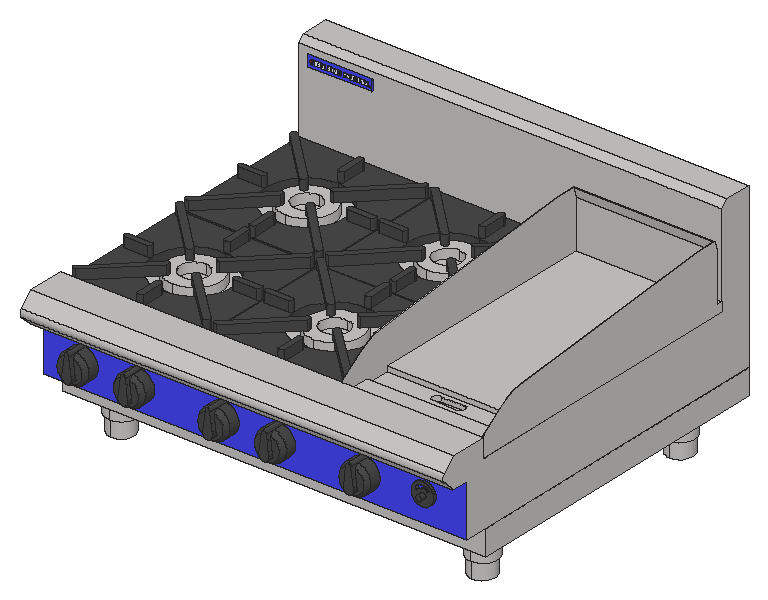
Revit family "QF_MOFFAT_BLUESEAL_CE_G516C-B", category Specialty Equipment, Revit 2012 (continued)
Definition of nested family "GAS BURNER 600 & GRIDDLE 300"
  Definition of nested family "GAS BURNER 600"
    Forms (mm)
      Extrusion 5, solid, material "QF_Finishes_Black"
        sketch origin (600, 0, 19.5) x (0, -1, 0) y (1, 0, 0)
          loop
            spline (139.576, -185.975) -> (140.337, -184.905) -> (140.738, -183.601) -> (140.751, -182.149) -> (140.375, -180.65) -> (139.637, -179.205) -> (138.586, -177.914) -> (137.295, -176.863) -> (135.85, -176.125) -> (134.351, -175.749) -> (132.899, -175.762) -> (131.595, -176.163) -> (130.525, -176.924)
            line (130.525, -176.924) -> (22.602, -284.847)
            spline (22.602, -284.847) -> (21.841, -285.916) -> (21.441, -287.221) -> (21.428, -288.672) -> (21.803, -290.171) -> (22.541, -291.616) -> (23.592, -292.908) -> (24.884, -293.959) -> (26.329, -294.697) -> (27.828, -295.072) -> (29.279, -295.059) -> (30.584, -294.659) -> (31.653, -293.898)
          loop
            spline (160.1, -291.102) -> (160.318, -292.396) -> (160.957, -293.602) -> (161.975, -294.638) -> (163.3, -295.432) -> (164.844, -295.932) -> (166.5, -296.102) -> (168.156, -295.932) -> (169.7, -295.432) -> (171.025, -294.638) -> (172.043, -293.602) -> (172.682, -292.396) -> (172.9, -291.102)
            line (172.9, -291.102) -> (172.9, -241.898)
            spline (172.9, -241.898) -> (172.682, -240.604) -> (172.043, -239.398) -> (171.025, -238.362) -> (169.7, -237.568) -> (168.156, -237.068) -> (166.5, -236.898) -> (164.844, -237.068) -> (163.3, -237.568) -> (161.975, -238.362) -> (160.957, -239.398) -> (160.318, -240.604) -> (160.1, -241.898)
            line (160.1, -241.898) -> (160.1, -291.102)
          loop
            line (313.898, -284.847) -> (202.475, -176.924)
            spline (202.475, -176.924) -> (201.405, -176.163) -> (200.101, -175.762) -> (198.649, -175.749) -> (197.15, -176.125) -> (195.705, -176.863) -> (194.414, -177.914) -> (193.363, -179.205) -> (192.625, -180.65) -> (192.249, -182.149) -> (192.262, -183.601) -> (192.663, -184.905) -> (193.424, -185.975)
            line (193.424, -185.975) -> (304.847, -293.898)
            spline (304.847, -293.898) -> (305.916, -294.659) -> (307.221, -295.059) -> (308.672, -295.072) -> (310.171, -294.697) -> (311.616, -293.959) -> (312.908, -292.908) -> (313.959, -291.616) -> (314.697, -290.171) -> (315.072, -288.672) -> (315.059, -287.221) -> (314.659, -285.916) -> (313.898, -284.847)
          loop
            line (311.102, -143.6) -> (261.898, -143.6)
            spline (261.898, -143.6) -> (260.604, -143.818) -> (259.398, -144.457) -> (258.362, -145.475) -> (257.568, -146.8) -> (257.068, -148.344) -> (256.898, -150) -> (257.068, -151.656) -> (257.568, -153.2) -> (258.362, -154.525) -> (259.398, -155.543) -> (260.604, -156.182) -> (261.898, -156.4)
            line (261.898, -156.4) -> (311.102, -156.4)
            spline (311.102, -156.4) -> (312.396, -156.182) -> (313.602, -155.543) -> (314.638, -154.525) -> (315.432, -153.2) -> (315.932, -151.656) -> (316.102, -150) -> (315.932, -148.344) -> (315.432, -146.8) -> (314.638, -145.475) -> (313.602, -144.457) -> (312.396, -143.818) -> (311.102, -143.6)
          loop
            spline (313.898, -15.153) -> (314.659, -14.084) -> (315.059, -12.779) -> (315.072, -11.328) -> (314.697, -9.829) -> (313.959, -8.384) -> (312.908, -7.092) -> (311.616, -6.041) -> (310.171, -5.303) -> (308.672, -4.928) -> (307.221, -4.941) -> (305.916, -5.341) -> (304.847, -6.102)
            line (304.847, -6.102) -> (193.424, -114.025)
            spline (193.424, -114.025) -> (192.663, -115.095) -> (192.262, -116.399) -> (192.249, -117.851) -> (192.625, -119.35) -> (193.363, -120.795) -> (194.414, -122.086) -> (195.705, -123.137) -> (197.15, -123.875) -> (198.649, -124.251) -> (200.101, -124.238) -> (201.405, -123.837) -> (202.475, -123.076)
            line (202.475, -123.076) -> (313.898, -15.153)
          loop
            spline (172.9, -8.898) -> (172.682, -7.604) -> (172.043, -6.398) -> (171.025, -5.362) -> (169.7, -4.568) -> (168.156, -4.068) -> (166.5, -3.898) -> (164.844, -4.068) -> (163.3, -4.568) -> (161.975, -5.362) -> (160.957, -6.398) -> (160.318, -7.604) -> (160.1, -8.898)
            line (160.1, -8.898) -> (160.1, -58.102)
            spline (160.1, -58.102) -> (160.318, -59.396) -> (160.957, -60.602) -> (161.975, -61.638) -> (163.3, -62.432) -> (164.844, -62.932) -> (166.5, -63.102) -> (168.156, -62.932) -> (169.7, -62.432) -> (171.025, -61.638) -> (172.043, -60.602) -> (172.682, -59.396) -> (172.9, -58.102)
            line (172.9, -58.102) -> (172.9, -8.898)
        from 0 to 20.5
      Extrusion 6, solid, material "QF_Finishes_Stainless Steel"
        sketch origin (600, -15.098, 0) x (0, -1, 0) y (1, 0, 0)
          loop
            circle (151.402, -150) r 57
          loop
            circle (451.402, -150) r 57
          loop
            circle (151.402, -150) r 30
          loop
            circle (451.402, -150) r 30
        from 0 to 20
    Lines and regions (mm)
      symbolic lines
        curve 1: line (284.847, -22.602, 0) -> (176.924, -130.525, 0)
        curve 2: spline (176.924, -130.525, 0) -> (176.163, -131.595, 0) -> (175.762, -132.899, 0) -> (175.749, -134.351, 0) -> (176.125, -135.85, 0) -> (176.863, -137.295, 0) -> (177.914, -138.586, 0) -> (179.205, -139.637, 0) -> (180.65, -140.375, 0) -> (182.149, -140.751, 0) -> (183.601, -140.738, 0) -> (184.905, -140.337, 0) -> (185.975, -139.576, 0)
        curve 3: line (185.975, -139.576, 0) -> (293.898, -31.653, 0)
        curve 4: spline (293.898, -31.653, 0) -> (294.659, -30.584, 0) -> (295.059, -29.279, 0) -> (295.072, -27.828, 0) -> (294.697, -26.329, 0) -> (293.959, -24.884, 0) -> (292.908, -23.592, 0) -> (291.616, -22.541, 0) -> (290.171, -21.803, 0) -> (288.672, -21.428, 0) -> (287.221, -21.441, 0) -> (285.916, -21.841, 0) -> (284.847, -22.602, 0)
        curve 5: line (291.102, -160.1, 0) -> (241.898, -160.1, 0)
        curve 6: spline (241.898, -160.1, 0) -> (240.604, -160.318, 0) -> (239.398, -160.957, 0) -> (238.362, -161.975, 0) -> (237.568, -163.3, 0) -> (237.068, -164.844, 0) -> (236.898, -166.5, 0) -> (237.068, -168.156, 0) -> (237.568, -169.7, 0) -> (238.362, -171.025, 0) -> (239.398, -172.043, 0) -> (240.604, -172.682, 0) -> (241.898, -172.9, 0)
        curve 7: line (241.898, -172.9, 0) -> (291.102, -172.9, 0)
        curve 8: spline (291.102, -172.9, 0) -> (292.396, -172.682, 0) -> (293.602, -172.043, 0) -> (294.638, -171.025, 0) -> (295.432, -169.7, 0) -> (295.932, -168.156, 0) -> (296.102, -166.5, 0) -> (295.932, -164.844, 0) -> (295.432, -163.3, 0) -> (294.638, -161.975, 0) -> (293.602, -160.957, 0) -> (292.396, -160.318, 0) -> (291.102, -160.1, 0)
        curve 9: line (306.102, -31.653, 0) -> (414.025, -139.576, 0)
        curve 10: spline (414.025, -139.576, 0) -> (415.095, -140.337, 0) -> (416.399, -140.738, 0) -> (417.851, -140.751, 0) -> (419.35, -140.375, 0) -> (420.795, -139.637, 0) -> (422.086, -138.586, 0) -> (423.137, -137.295, 0) -> (423.875, -135.85, 0) -> (424.251, -134.351, 0) -> (424.238, -132.899, 0) -> (423.837, -131.595, 0) -> (423.076, -130.525, 0)
        curve 11: line (423.076, -130.525, 0) -> (315.153, -22.602, 0)
        curve 12: spline (315.153, -22.602, 0) -> (314.084, -21.841, 0) -> (312.779, -21.441, 0) -> (311.328, -21.428, 0) -> (309.829, -21.803, 0) -> (308.384, -22.541, 0) -> (307.092, -23.592, 0) -> (306.041, -24.884, 0) -> (305.303, -26.329, 0) -> (304.928, -27.828, 0) -> (304.941, -29.279, 0) -> (305.341, -30.584, 0) -> (306.102, -31.653, 0)
        curve 13: line (443.6, -25.398, 0) -> (443.6, -74.602, 0)
        curve 14: spline (443.6, -74.602, 0) -> (443.818, -75.896, 0) -> (444.457, -77.102, 0) -> (445.475, -78.138, 0) -> (446.8, -78.932, 0) -> (448.344, -79.432, 0) -> (450, -79.602, 0) -> (451.656, -79.432, 0) -> (453.2, -78.932, 0) -> (454.525, -78.138, 0) -> (455.543, -77.102, 0) -> (456.182, -75.896, 0) -> (456.4, -74.602, 0)
        curve 15: line (456.4, -74.602, 0) -> (456.4, -25.398, 0)
        curve 16: spline (456.4, -25.398, 0) -> (456.182, -24.104, 0) -> (455.543, -22.898, 0) -> (454.525, -21.862, 0) -> (453.2, -21.068, 0) -> (451.656, -20.568, 0) -> (450, -20.398, 0) -> (448.344, -20.568, 0) -> (446.8, -21.068, 0) -> (445.475, -21.862, 0) -> (444.457, -22.898, 0) -> (443.818, -24.104, 0) -> (443.6, -25.398, 0)
        curve 17: line (584.847, -22.602, 0) -> (476.924, -130.525, 0)
        curve 18: spline (476.924, -130.525, 0) -> (476.163, -131.595, 0) -> (475.762, -132.899, 0) -> (475.749, -134.351, 0) -> (476.125, -135.85, 0) -> (476.863, -137.295, 0) -> (477.914, -138.586, 0) -> (479.205, -139.637, 0) -> (480.65, -140.375, 0) -> (482.149, -140.751, 0) -> (483.601, -140.738, 0) -> (484.905, -140.337, 0) -> (485.975, -139.576, 0)
        curve 19: line (485.975, -139.576, 0) -> (593.898, -31.653, 0)
        curve 20: spline (593.898, -31.653, 0) -> (594.819, -30.424, 0) -> (595.369, -28.97, 0) -> (595.51, -27.39, 0) -> (595.233, -25.792, 0) -> (594.557, -24.286, 0) -> (593.527, -22.973, 0) -> (592.214, -21.943, 0) -> (590.708, -21.267, 0) -> (589.11, -20.99, 0) -> (587.53, -21.131, 0) -> (586.076, -21.681, 0) -> (584.847, -22.602, 0)
        curve 21: line (591.102, -160.1, 0) -> (541.898, -160.1, 0)
        curve 22: spline (541.898, -160.1, 0) -> (540.604, -160.318, 0) -> (539.398, -160.957, 0) -> (538.362, -161.975, 0) -> (537.568, -163.3, 0) -> (537.068, -164.844, 0) -> (536.898, -166.5, 0) -> (537.068, -168.156, 0) -> (537.568, -169.7, 0) -> (538.362, -171.025, 0) -> (539.398, -172.043, 0) -> (540.604, -172.682, 0) -> (541.898, -172.9, 0)
        curve 23: line (541.898, -172.9, 0) -> (591.102, -172.9, 0)
        curve 24: spline (591.102, -172.9, 0) -> (592.396, -172.682, 0) -> (593.602, -172.043, 0) -> (594.638, -171.025, 0) -> (595.432, -169.7, 0) -> (595.932, -168.156, 0) -> (596.102, -166.5, 0) -> (595.932, -164.844, 0) -> (595.432, -163.3, 0) -> (594.638, -161.975, 0) -> (593.602, -160.957, 0) -> (592.396, -160.318, 0) -> (591.102, -160.1, 0)
        curve 25: line (593.898, -304.847, 0) -> (485.975, -193.424, 0)
        curve 26: spline (485.975, -193.424, 0) -> (484.905, -192.663, 0) -> (483.601, -192.262, 0) -> (482.149, -192.249, 0) -> (480.65, -192.625, 0) -> (479.205, -193.363, 0) -> (477.914, -194.414, 0) -> (476.863, -195.705, 0) -> (476.125, -197.15, 0) -> (475.749, -198.649, 0) -> (475.762, -200.101, 0) -> (476.163, -201.405, 0) -> (476.924, -202.475, 0)
        curve 27: line (476.924, -202.475, 0) -> (584.847, -313.898, 0)
        curve 28: spline (584.847, -313.898, 0) -> (585.916, -314.659, 0) -> (587.221, -315.059, 0) -> (588.672, -315.072, 0) -> (590.171, -314.697, 0) -> (591.616, -313.959, 0) -> (592.908, -312.908, 0) -> (593.959, -311.616, 0) -> (594.697, -310.171, 0) -> (595.072, -308.672, 0) -> (595.059, -307.221, 0) -> (594.659, -305.916, 0) -> (593.898, -304.847, 0)
        curve 29: arc (450, -223.5, 0) -> (468.725, -220.336, 0) -> (485.372, -211.197, 0) r 57
        curve 30: arc (450, -109.5, 0) -> (431.183, -112.696, 0) -> (414.475, -121.924, 0) r 57
        curve 31: arc (450.009, -84.418, 0) -> (478.534, -89.404, 0) -> (503.676, -103.773, 0) r 84.082
        curve 32: arc (450.009, -252.582, 0) -> (420.453, -247.216, 0) -> (394.669, -231.803, 0) r 84.082
        curve 33: arc (450, -136.5, 0) -> (480, -166.5, 0) -> (450, -196.5, 0) r 30
        curve 34: arc (450, -196.5, 0) -> (420, -166.5, 0) -> (450, -136.5, 0) r 30
        curve 35: arc (150, -223.5, 0) -> (168.725, -220.336, 0) -> (185.372, -211.197, 0) r 57
        curve 36: arc (150, -109.5, 0) -> (131.183, -112.696, 0) -> (114.475, -121.924, 0) r 57
        curve 37: arc (149.991, -84.418, 0) -> (178.523, -89.406, 0) -> (203.668, -103.781, 0) r 84.082
        curve 38: arc (149.991, -252.582, 0) -> (120.441, -247.219, 0) -> (94.661, -231.812, 0) r 84.082
        curve 39: line (156.4, -74.602, 0) -> (156.4, -25.398, 0)
        curve 40: spline (156.4, -25.398, 0) -> (156.182, -24.104, 0) -> (155.543, -22.898, 0) -> (154.525, -21.862, 0) -> (153.2, -21.068, 0) -> (151.656, -20.568, 0) -> (150, -20.398, 0) -> (148.344, -20.568, 0) -> (146.8, -21.068, 0) -> (145.475, -21.862, 0) -> (144.457, -22.898, 0) -> (143.818, -24.104, 0) -> (143.6, -25.398, 0)
        curve 41: line (143.6, -25.398, 0) -> (143.6, -74.602, 0)
        curve 42: spline (143.6, -74.602, 0) -> (143.818, -75.896, 0) -> (144.457, -77.102, 0) -> (145.475, -78.138, 0) -> (146.8, -78.932, 0) -> (148.344, -79.432, 0) -> (150, -79.602, 0) -> (151.656, -79.432, 0) -> (153.2, -78.932, 0) -> (154.525, -78.138, 0) -> (155.543, -77.102, 0) -> (156.182, -75.896, 0) -> (156.4, -74.602, 0)
        curve 43: line (358.102, -160.1, 0) -> (308.898, -160.1, 0)
        curve 44: spline (308.898, -160.1, 0) -> (307.604, -160.318, 0) -> (306.398, -160.957, 0) -> (305.362, -161.975, 0) -> (304.568, -163.3, 0) -> (304.068, -164.844, 0) -> (303.898, -166.5, 0) -> (304.068, -168.156, 0) -> (304.568, -169.7, 0) -> (305.362, -171.025, 0) -> (306.398, -172.043, 0) -> (307.604, -172.682, 0) -> (308.898, -172.9, 0)
        curve 45: line (308.898, -172.9, 0) -> (358.102, -172.9, 0)
        curve 46: spline (358.102, -172.9, 0) -> (359.396, -172.682, 0) -> (360.602, -172.043, 0) -> (361.638, -171.025, 0) -> (362.432, -169.7, 0) -> (362.932, -168.156, 0) -> (363.102, -166.5, 0) -> (362.932, -164.844, 0) -> (362.432, -163.3, 0) -> (361.638, -161.975, 0) -> (360.602, -160.957, 0) -> (359.396, -160.318, 0) -> (358.102, -160.1, 0)
        curve 47: line (414.025, -193.424, 0) -> (306.102, -304.847, 0)
        curve 48: spline (306.102, -304.847, 0) -> (305.341, -305.916, 0) -> (304.941, -307.221, 0) -> (304.928, -308.672, 0) -> (305.303, -310.171, 0) -> (306.041, -311.616, 0) -> (307.092, -312.908, 0) -> (308.384, -313.959, 0) -> (309.829, -314.697, 0) -> (311.328, -315.072, 0) -> (312.779, -315.059, 0) -> (314.084, -314.659, 0) -> (315.153, -313.898, 0)
        curve 49: line (315.153, -313.898, 0) -> (423.076, -202.475, 0)
        curve 50: spline (423.076, -202.475, 0) -> (423.837, -201.405, 0) -> (424.238, -200.101, 0) -> (424.251, -198.649, 0) -> (423.875, -197.15, 0) -> (423.137, -195.705, 0) -> (422.086, -194.414, 0) -> (420.795, -193.363, 0) -> (419.35, -192.625, 0) -> (417.851, -192.249, 0) -> (416.399, -192.262, 0) -> (415.095, -192.663, 0) -> (414.025, -193.424, 0)
        curve 51: line (456.4, -311.102, 0) -> (456.4, -261.898, 0)
        curve 52: spline (456.4, -261.898, 0) -> (456.182, -260.604, 0) -> (455.543, -259.398, 0) -> (454.525, -258.362, 0) -> (453.2, -257.568, 0) -> (451.656, -257.068, 0) -> (450, -256.898, 0) -> (448.344, -257.068, 0) -> (446.8, -257.568, 0) -> (445.475, -258.362, 0) -> (444.457, -259.398, 0) -> (443.818, -260.604, 0) -> (443.6, -261.898, 0)
        curve 53: line (443.6, -261.898, 0) -> (443.6, -311.102, 0)
        curve 54: spline (443.6, -311.102, 0) -> (443.818, -312.396, 0) -> (444.457, -313.602, 0) -> (445.475, -314.638, 0) -> (446.8, -315.432, 0) -> (448.344, -315.932, 0) -> (450, -316.102, 0) -> (451.656, -315.932, 0) -> (453.2, -315.432, 0) -> (454.525, -314.638, 0) -> (455.543, -313.602, 0) -> (456.182, -312.396, 0) -> (456.4, -311.102, 0)
        curve 55: line (596, 0, 0) -> (304, 0, 0)
        curve 56: arc (304, 0, 0) -> (301.879, -0.879, 0) -> (301, -3, 0) r 3
        curve 57: line (301, -3, 0) -> (301, -315.5, 0)
        curve 58: arc (301, -315.5, 0) -> (301.879, -317.621, 0) -> (304, -318.5, 0) r 3
        curve 59: line (304, -318.5, 0) -> (596, -318.5, 0)
        curve 60: arc (596, -318.5, 0) -> (598.121, -317.621, 0) -> (599, -315.5, 0) r 3
        curve 61: line (599, -315.5, 0) -> (599, -3, 0)
        curve 62: arc (599, -3, 0) -> (598.121, -0.879, 0) -> (596, 0, 0) r 3
        curve 63: line (296, 0, 0) -> (4, 0, 0)
        curve 64: arc (4, 0, 0) -> (1.879, -0.879, 0) -> (1, -3, 0) r 3
        curve 65: line (1, -3, 0) -> (1, -315.5, 0)
        curve 66: arc (1, -315.5, 0) -> (1.879, -317.621, 0) -> (4, -318.5, 0) r 3
        curve 67: line (4, -318.5, 0) -> (296, -318.5, 0)
        curve 68: arc (296, -318.5, 0) -> (298.121, -317.621, 0) -> (299, -315.5, 0) r 3
        curve 69: line (299, -315.5, 0) -> (299, -3, 0)
        curve 70: arc (299, -3, 0) -> (298.121, -0.879, 0) -> (296, 0, 0) r 3
        curve 71: line (296, -321.5, 0) -> (4, -321.5, 0)
        curve 72: arc (4, -321.5, 0) -> (1.879, -322.379, 0) -> (1, -324.5, 0) r 3
        curve 73: line (1, -324.5, 0) -> (1, -632, 0)
        curve 74: arc (1, -632, 0) -> (1.879, -634.121, 0) -> (4, -635, 0) r 3
        curve 75: line (4, -635, 0) -> (296, -635, 0)
        curve 76: arc (296, -635, 0) -> (298.121, -634.121, 0) -> (299, -632, 0) r 3
        curve 77: line (299, -632, 0) -> (299, -324.5, 0)
        curve 78: arc (299, -324.5, 0) -> (298.121, -322.379, 0) -> (296, -321.5, 0) r 3
        curve 79: line (596, -321.5, 0) -> (304, -321.5, 0)
        curve 80: arc (304, -321.5, 0) -> (301.879, -322.379, 0) -> (301, -324.5, 0) r 3
        curve 81: line (301, -324.5, 0) -> (301, -632, 0)
        curve 82: arc (301, -632, 0) -> (301.879, -634.121, 0) -> (304, -635, 0) r 3
        curve 83: line (304, -635, 0) -> (596, -635, 0)
        curve 84: arc (596, -635, 0) -> (598.121, -634.121, 0) -> (599, -632, 0) r 3
        curve 85: line (599, -632, 0) -> (599, -324.5, 0)
        curve 86: arc (599, -324.5, 0) -> (598.121, -322.379, 0) -> (596, -321.5, 0) r 3
        curve 87: line (293.898, -304.847, 0) -> (185.975, -193.424, 0)
        curve 88: spline (185.975, -193.424, 0) -> (184.905, -192.663, 0) -> (183.601, -192.262, 0) -> (182.149, -192.249, 0) -> (180.65, -192.625, 0) -> (179.205, -193.363, 0) -> (177.914, -194.414, 0) -> (176.863, -195.705, 0) -> (176.125, -197.15, 0) -> (175.749, -198.649, 0) -> (175.762, -200.101, 0) -> (176.163, -201.405, 0) -> (176.924, -202.475, 0)
        curve 89: line (176.924, -202.475, 0) -> (284.847, -313.898, 0)
        curve 90: spline (284.847, -313.898, 0) -> (285.916, -314.659, 0) -> (287.221, -315.059, 0) -> (288.672, -315.072, 0) -> (290.171, -314.697, 0) -> (291.616, -313.959, 0) -> (292.908, -312.908, 0) -> (293.959, -311.616, 0) -> (294.697, -310.171, 0) -> (295.072, -308.672, 0) -> (295.059, -307.221, 0) -> (294.659, -305.916, 0) -> (293.898, -304.847, 0)
        curve 91: line (15.153, -313.898, 0) -> (123.076, -202.475, 0)
        curve 92: spline (123.076, -202.475, 0) -> (123.837, -201.405, 0) -> (124.238, -200.101, 0) -> (124.251, -198.649, 0) -> (123.875, -197.15, 0) -> (123.137, -195.705, 0) -> (122.086, -194.414, 0) -> (120.795, -193.363, 0) -> (119.35, -192.625, 0) -> (117.851, -192.249, 0) -> (116.399, -192.262, 0) -> (115.095, -192.663, 0) -> (114.025, -193.424, 0)
        curve 93: line (114.025, -193.424, 0) -> (6.102, -304.847, 0)
        curve 94: spline (6.102, -304.847, 0) -> (5.341, -305.916, 0) -> (4.941, -307.221, 0) -> (4.928, -308.672, 0) -> (5.303, -310.171, 0) -> (6.041, -311.616, 0) -> (7.092, -312.908, 0) -> (8.384, -313.959, 0) -> (9.829, -314.697, 0) -> (11.328, -315.072, 0) -> (12.779, -315.059, 0) -> (14.084, -314.659, 0) -> (15.153, -313.898, 0)
        curve 95: line (8.898, -172.9, 0) -> (58.102, -172.9, 0)
        curve 96: spline (58.102, -172.9, 0) -> (59.396, -172.682, 0) -> (60.602, -172.043, 0) -> (61.638, -171.025, 0) -> (62.432, -169.7, 0) -> (62.932, -168.156, 0) -> (63.102, -166.5, 0) -> (62.932, -164.844, 0) -> (62.432, -163.3, 0) -> (61.638, -161.975, 0) -> (60.602, -160.957, 0) -> (59.396, -160.318, 0) -> (58.102, -160.1, 0)
        curve 97: line (58.102, -160.1, 0) -> (8.898, -160.1, 0)
        curve 98: spline (8.898, -160.1, 0) -> (7.604, -160.318, 0) -> (6.398, -160.957, 0) -> (5.362, -161.975, 0) -> (4.568, -163.3, 0) -> (4.068, -164.844, 0) -> (3.898, -166.5, 0) -> (4.068, -168.156, 0) -> (4.568, -169.7, 0) -> (5.362, -171.025, 0) -> (6.398, -172.043, 0) -> (7.604, -172.682, 0) -> (8.898, -172.9, 0)
        curve 99: line (6.102, -31.653, 0) -> (114.025, -139.576, 0)
        curve 100: spline (114.025, -139.576, 0) -> (115.095, -140.337, 0) -> (116.399, -140.738, 0) -> (117.851, -140.751, 0) -> (119.35, -140.375, 0) -> (120.795, -139.637, 0) -> (122.086, -138.586, 0) -> (123.137, -137.295, 0) -> (123.875, -135.85, 0) -> (124.251, -134.351, 0) -> (124.238, -132.899, 0) -> (123.837, -131.595, 0) -> (123.076, -130.525, 0)
        curve 101: line (123.076, -130.525, 0) -> (15.153, -22.602, 0)
        curve 102: spline (15.153, -22.602, 0) -> (13.924, -21.681, 0) -> (12.47, -21.131, 0) -> (10.89, -20.99, 0) -> (9.292, -21.267, 0) -> (7.786, -21.943, 0) -> (6.473, -22.973, 0) -> (5.443, -24.286, 0) -> (4.767, -25.792, 0) -> (4.49, -27.39, 0) -> (4.631, -28.97, 0) -> (5.181, -30.424, 0) -> (6.102, -31.653, 0)
        curve 103: arc (150, -136.5, 0) -> (180, -166.5, 0) -> (150, -196.5, 0) r 30
        curve 104: arc (150, -196.5, 0) -> (120, -166.5, 0) -> (150, -136.5, 0) r 30
        curve 105: line (156.4, -311.102, 0) -> (156.4, -261.898, 0)
        curve 106: spline (156.4, -261.898, 0) -> (156.182, -260.604, 0) -> (155.543, -259.398, 0) -> (154.525, -258.362, 0) -> (153.2, -257.568, 0) -> (151.656, -257.068, 0) -> (150, -256.898, 0) -> (148.344, -257.068, 0) -> (146.8, -257.568, 0) -> (145.475, -258.362, 0) -> (144.457, -259.398, 0) -> (143.818, -260.604, 0) -> (143.6, -261.898, 0)
        curve 107: line (143.6, -261.898, 0) -> (143.6, -311.102, 0)
        curve 108: spline (143.6, -311.102, 0) -> (143.818, -312.396, 0) -> (144.457, -313.602, 0) -> (145.475, -314.638, 0) -> (146.8, -315.432, 0) -> (148.344, -315.932, 0) -> (150, -316.102, 0) -> (151.656, -315.932, 0) -> (153.2, -315.432, 0) -> (154.525, -314.638, 0) -> (155.543, -313.602, 0) -> (156.182, -312.396, 0) -> (156.4, -311.102, 0)
        curve 109: line (156.4, -378.102, 0) -> (156.4, -328.898, 0)
        curve 110: spline (156.4, -328.898, 0) -> (156.182, -327.604, 0) -> (155.543, -326.398, 0) -> (154.525, -325.362, 0) -> (153.2, -324.568, 0) -> (151.656, -324.068, 0) -> (150, -323.898, 0) -> (148.344, -324.068, 0) -> (146.8, -324.568, 0) -> (145.475, -325.362, 0) -> (144.457, -326.398, 0) -> (143.818, -327.604, 0) -> (143.6, -328.898, 0)
        curve 111: line (143.6, -328.898, 0) -> (143.6, -378.102, 0)
        curve 112: spline (143.6, -378.102, 0) -> (143.818, -379.396, 0) -> (144.457, -380.602, 0) -> (145.475, -381.638, 0) -> (146.8, -382.432, 0) -> (148.344, -382.932, 0) -> (150, -383.102, 0) -> (151.656, -382.932, 0) -> (153.2, -382.432, 0) -> (154.525, -381.638, 0) -> (155.543, -380.602, 0) -> (156.182, -379.396, 0) -> (156.4, -378.102, 0)
        curve 113: line (284.847, -326.102, 0) -> (176.924, -434.025, 0)
        curve 114: spline (176.924, -434.025, 0) -> (176.163, -435.095, 0) -> (175.762, -436.399, 0) -> (175.749, -437.851, 0) -> (176.125, -439.35, 0) -> (176.863, -440.795, 0) -> (177.914, -442.086, 0) -> (179.205, -443.137, 0) -> (180.65, -443.875, 0) -> (182.149, -444.251, 0) -> (183.601, -444.238, 0) -> (184.905, -443.837, 0) -> (185.975, -443.076, 0)
        curve 115: line (185.975, -443.076, 0) -> (293.898, -335.153, 0)
        curve 116: spline (293.898, -335.153, 0) -> (294.659, -334.084, 0) -> (295.059, -332.779, 0) -> (295.072, -331.328, 0) -> (294.697, -329.829, 0) -> (293.959, -328.384, 0) -> (292.908, -327.092, 0) -> (291.616, -326.041, 0) -> (290.171, -325.303, 0) -> (288.672, -324.928, 0) -> (287.221, -324.941, 0) -> (285.916, -325.341, 0) -> (284.847, -326.102, 0)
        curve 117: line (123.076, -434.025, 0) -> (15.153, -326.102, 0)
        curve 118: spline (15.153, -326.102, 0) -> (13.924, -325.181, 0) -> (12.47, -324.631, 0) -> (10.89, -324.49, 0) -> (9.292, -324.767, 0) -> (7.786, -325.443, 0) -> (6.473, -326.473, 0) -> (5.443, -327.786, 0) -> (4.767, -329.292, 0) -> (4.49, -330.89, 0) -> (4.631, -332.47, 0) -> (5.181, -333.924, 0) -> (6.102, -335.153, 0)
        curve 119: line (6.102, -335.153, 0) -> (114.025, -443.076, 0)
        curve 120: spline (114.025, -443.076, 0) -> (115.095, -443.837, 0) -> (116.399, -444.238, 0) -> (117.851, -444.251, 0) -> (119.35, -443.875, 0) -> (120.795, -443.137, 0) -> (122.086, -442.086, 0) -> (123.137, -440.795, 0) -> (123.875, -439.35, 0) -> (124.251, -437.851, 0) -> (124.238, -436.399, 0) -> (123.837, -435.095, 0) -> (123.076, -434.025, 0)
        curve 121: line (58.102, -463.6, 0) -> (8.898, -463.6, 0)
        curve 122: spline (8.898, -463.6, 0) -> (7.604, -463.818, 0) -> (6.398, -464.457, 0) -> (5.362, -465.475, 0) -> (4.568, -466.8, 0) -> (4.068, -468.344, 0) -> (3.898, -470, 0) -> (4.068, -471.656, 0) -> (4.568, -473.2, 0) -> (5.362, -474.525, 0) -> (6.398, -475.543, 0) -> (7.604, -476.182, 0) -> (8.898, -476.4, 0)
        curve 123: line (8.898, -476.4, 0) -> (58.102, -476.4, 0)
        curve 124: spline (58.102, -476.4, 0) -> (59.396, -476.182, 0) -> (60.602, -475.543, 0) -> (61.638, -474.525, 0) -> (62.432, -473.2, 0) -> (62.932, -471.656, 0) -> (63.102, -470, 0) -> (62.932, -468.344, 0) -> (62.432, -466.8, 0) -> (61.638, -465.475, 0) -> (60.602, -464.457, 0) -> (59.396, -463.818, 0) -> (58.102, -463.6, 0)
        curve 125: line (114.025, -496.924, 0) -> (6.102, -603.347, 0)
        curve 126: spline (6.102, -603.347, 0) -> (5.341, -604.416, 0) -> (4.941, -605.721, 0) -> (4.928, -607.172, 0) -> (5.303, -608.671, 0) -> (6.041, -610.116, 0) -> (7.092, -611.408, 0) -> (8.384, -612.459, 0) -> (9.829, -613.197, 0) -> (11.328, -613.572, 0) -> (12.779, -613.559, 0) -> (14.084, -613.159, 0) -> (15.153, -612.398, 0)
        curve 127: line (15.153, -612.398, 0) -> (123.076, -505.975, 0)
        curve 128: spline (123.076, -505.975, 0) -> (123.837, -504.905, 0) -> (124.238, -503.601, 0) -> (124.251, -502.149, 0) -> (123.875, -500.65, 0) -> (123.137, -499.205, 0) -> (122.086, -497.914, 0) -> (120.795, -496.863, 0) -> (119.35, -496.125, 0) -> (117.851, -495.749, 0) -> (116.399, -495.762, 0) -> (115.095, -496.163, 0) -> (114.025, -496.924, 0)
        curve 129: line (156.4, -609.602, 0) -> (156.4, -561.898, 0)
        curve 130: spline (156.4, -561.898, 0) -> (156.182, -560.604, 0) -> (155.543, -559.398, 0) -> (154.525, -558.362, 0) -> (153.2, -557.568, 0) -> (151.656, -557.068, 0) -> (150, -556.898, 0) -> (148.344, -557.068, 0) -> (146.8, -557.568, 0) -> (145.475, -558.362, 0) -> (144.457, -559.398, 0) -> (143.818, -560.604, 0) -> (143.6, -561.898, 0)
        curve 131: line (143.6, -561.898, 0) -> (143.6, -609.602, 0)
        curve 132: spline (143.6, -609.602, 0) -> (143.818, -610.896, 0) -> (144.457, -612.102, 0) -> (145.475, -613.138, 0) -> (146.8, -613.932, 0) -> (148.344, -614.432, 0) -> (150, -614.602, 0) -> (151.656, -614.432, 0) -> (153.2, -613.932, 0) -> (154.525, -613.138, 0) -> (155.543, -612.102, 0) -> (156.182, -610.896, 0) -> (156.4, -609.602, 0)
        curve 133: line (176.924, -505.975, 0) -> (284.847, -612.398, 0)
        curve 134: spline (284.847, -612.398, 0) -> (285.916, -613.159, 0) -> (287.221, -613.559, 0) -> (288.672, -613.572, 0) -> (290.171, -613.197, 0) -> (291.616, -612.459, 0) -> (292.908, -611.408, 0) -> (293.959, -610.116, 0) -> (294.697, -608.671, 0) -> (295.072, -607.172, 0) -> (295.059, -605.721, 0) -> (294.659, -604.416, 0) -> (293.898, -603.347, 0)
        curve 135: line (293.898, -603.347, 0) -> (185.975, -496.924, 0)
        curve 136: spline (185.975, -496.924, 0) -> (184.905, -496.163, 0) -> (183.601, -495.762, 0) -> (182.149, -495.749, 0) -> (180.65, -496.125, 0) -> (179.205, -496.863, 0) -> (177.914, -497.914, 0) -> (176.863, -499.205, 0) -> (176.125, -500.65, 0) -> (175.749, -502.149, 0) -> (175.762, -503.601, 0) -> (176.163, -504.905, 0) -> (176.924, -505.975, 0)
        curve 137: arc (149.991, -384.418, 0) -> (179.687, -389.836, 0) -> (205.556, -405.393, 0) r 84.082
        curve 138: arc (149.991, -552.582, 0) -> (121.173, -547.489, 0) -> (95.845, -532.827, 0) r 84.082
        curve 139: arc (150, -523.5, 0) -> (167.666, -520.693, 0) -> (183.592, -512.55, 0) r 57
        curve 140: arc (150, -409.5, 0) -> (130.014, -413.119, 0) -> (112.566, -423.515, 0) r 57
        curve 141: arc (150, -436.5, 0) -> (180, -466.5, 0) -> (150, -496.5, 0) r 30
        curve 142: arc (150, -496.5, 0) -> (120, -466.5, 0) -> (150, -436.5, 0) r 30
        curve 143: line (291.102, -463.6, 0) -> (241.898, -463.6, 0)
        curve 144: spline (241.898, -463.6, 0) -> (240.604, -463.818, 0) -> (239.398, -464.457, 0) -> (238.362, -465.475, 0) -> (237.568, -466.8, 0) -> (237.068, -468.344, 0) -> (236.898, -470, 0) -> (237.068, -471.656, 0) -> (237.568, -473.2, 0) -> (238.362, -474.525, 0) -> (239.398, -475.543, 0) -> (240.604, -476.182, 0) -> (241.898, -476.4, 0)
        curve 145: line (241.898, -476.4, 0) -> (291.102, -476.4, 0)
        curve 146: spline (291.102, -476.4, 0) -> (292.396, -476.182, 0) -> (293.602, -475.543, 0) -> (294.638, -474.525, 0) -> (295.432, -473.2, 0) -> (295.932, -471.656, 0) -> (296.102, -470, 0) -> (295.932, -468.344, 0) -> (295.432, -466.8, 0) -> (294.638, -465.475, 0) -> (293.602, -464.457, 0) -> (292.396, -463.818, 0) -> (291.102, -463.6, 0)
        curve 147: line (423.076, -434.025, 0) -> (315.153, -326.102, 0)
        curve 148: spline (315.153, -326.102, 0) -> (314.084, -325.341, 0) -> (312.779, -324.941, 0) -> (311.328, -324.928, 0) -> (309.829, -325.303, 0) -> (308.384, -326.041, 0) -> (307.092, -327.092, 0) -> (306.041, -328.384, 0) -> (305.303, -329.829, 0) -> (304.928, -331.328, 0) -> (304.941, -332.779, 0) -> (305.341, -334.084, 0) -> (306.102, -335.153, 0)
        curve 149: line (306.102, -335.153, 0) -> (414.025, -443.076, 0)
        curve 150: spline (414.025, -443.076, 0) -> (415.095, -443.837, 0) -> (416.399, -444.238, 0) -> (417.851, -444.251, 0) -> (419.35, -443.875, 0) -> (420.795, -443.137, 0) -> (422.086, -442.086, 0) -> (423.137, -440.795, 0) -> (423.875, -439.35, 0) -> (424.251, -437.851, 0) -> (424.238, -436.399, 0) -> (423.837, -435.095, 0) -> (423.076, -434.025, 0)
        curve 151: line (443.6, -328.898, 0) -> (443.6, -378.102, 0)
        curve 152: spline (443.6, -378.102, 0) -> (443.818, -379.396, 0) -> (444.457, -380.602, 0) -> (445.475, -381.638, 0) -> (446.8, -382.432, 0) -> (448.344, -382.932, 0) -> (450, -383.102, 0) -> (451.656, -382.932, 0) -> (453.2, -382.432, 0) -> (454.525, -381.638, 0) -> (455.543, -380.602, 0) -> (456.182, -379.396, 0) -> (456.4, -378.102, 0)
        curve 153: line (456.4, -378.102, 0) -> (456.4, -328.898, 0)
        curve 154: spline (456.4, -328.898, 0) -> (456.182, -327.604, 0) -> (455.543, -326.398, 0) -> (454.525, -325.362, 0) -> (453.2, -324.568, 0) -> (451.656, -324.068, 0) -> (450, -323.898, 0) -> (448.344, -324.068, 0) -> (446.8, -324.568, 0) -> (445.475, -325.362, 0) -> (444.457, -326.398, 0) -> (443.818, -327.604, 0) -> (443.6, -328.898, 0)
        curve 155: line (584.847, -326.102, 0) -> (476.924, -434.025, 0)
        curve 156: spline (476.924, -434.025, 0) -> (476.163, -435.095, 0) -> (475.762, -436.399, 0) -> (475.749, -437.851, 0) -> (476.125, -439.35, 0) -> (476.863, -440.795, 0) -> (477.914, -442.086, 0) -> (479.205, -443.137, 0) -> (480.65, -443.875, 0) -> (482.149, -444.251, 0) -> (483.601, -444.238, 0) -> (484.905, -443.837, 0) -> (485.975, -443.076, 0)
        curve 157: line (485.975, -443.076, 0) -> (593.898, -335.153, 0)
        curve 158: spline (593.898, -335.153, 0) -> (594.819, -333.924, 0) -> (595.369, -332.47, 0) -> (595.51, -330.89, 0) -> (595.233, -329.292, 0) -> (594.557, -327.786, 0) -> (593.527, -326.473, 0) -> (592.214, -325.443, 0) -> (590.708, -324.767, 0) -> (589.11, -324.49, 0) -> (587.53, -324.631, 0) -> (586.076, -325.181, 0) -> (584.847, -326.102, 0)
        curve 159: line (591.102, -463.6, 0) -> (541.898, -463.6, 0)
        curve 160: spline (541.898, -463.6, 0) -> (540.604, -463.818, 0) -> (539.398, -464.457, 0) -> (538.362, -465.475, 0) -> (537.568, -466.8, 0) -> (537.068, -468.344, 0) -> (536.898, -470, 0) -> (537.068, -471.656, 0) -> (537.568, -473.2, 0) -> (538.362, -474.525, 0) -> (539.398, -475.543, 0) -> (540.604, -476.182, 0) -> (541.898, -476.4, 0)
        curve 161: line (541.898, -476.4, 0) -> (591.102, -476.4, 0)
        curve 162: spline (591.102, -476.4, 0) -> (592.396, -476.182, 0) -> (593.602, -475.543, 0) -> (594.638, -474.525, 0) -> (595.432, -473.2, 0) -> (595.932, -471.656, 0) -> (596.102, -470, 0) -> (595.932, -468.344, 0) -> (595.432, -466.8, 0) -> (594.638, -465.475, 0) -> (593.602, -464.457, 0) -> (592.396, -463.818, 0) -> (591.102, -463.6, 0)
        curve 163: line (593.898, -603.347, 0) -> (485.975, -496.924, 0)
        curve 164: spline (485.975, -496.924, 0) -> (484.905, -496.163, 0) -> (483.601, -495.762, 0) -> (482.149, -495.749, 0) -> (480.65, -496.125, 0) -> (479.205, -496.863, 0) -> (477.914, -497.914, 0) -> (476.863, -499.205, 0) -> (476.125, -500.65, 0) -> (475.749, -502.149, 0) -> (475.762, -503.601, 0) -> (476.163, -504.905, 0) -> (476.924, -505.975, 0)
        curve 165: line (476.924, -505.975, 0) -> (584.847, -612.398, 0)
        curve 166: spline (584.847, -612.398, 0) -> (585.916, -613.159, 0) -> (587.221, -613.559, 0) -> (588.672, -613.572, 0) -> (590.171, -613.197, 0) -> (591.616, -612.459, 0) -> (592.908, -611.408, 0) -> (593.959, -610.116, 0) -> (594.697, -608.671, 0) -> (595.072, -607.172, 0) -> (595.059, -605.721, 0) -> (594.659, -604.416, 0) -> (593.898, -603.347, 0)
        curve 167: line (315.153, -612.398, 0) -> (423.076, -505.975, 0)
        curve 168: spline (423.076, -505.975, 0) -> (423.837, -504.905, 0) -> (424.238, -503.601, 0) -> (424.251, -502.149, 0) -> (423.875, -500.65, 0) -> (423.137, -499.205, 0) -> (422.086, -497.914, 0) -> (420.795, -496.863, 0) -> (419.35, -496.125, 0) -> (417.851, -495.749, 0) -> (416.399, -495.762, 0) -> (415.095, -496.163, 0) -> (414.025, -496.924, 0)
        curve 169: line (414.025, -496.924, 0) -> (306.102, -603.347, 0)
        curve 170: spline (306.102, -603.347, 0) -> (305.341, -604.416, 0) -> (304.941, -605.721, 0) -> (304.928, -607.172, 0) -> (305.303, -608.671, 0) -> (306.041, -610.116, 0) -> (307.092, -611.408, 0) -> (308.384, -612.459, 0) -> (309.829, -613.197, 0) -> (311.328, -613.572, 0) -> (312.779, -613.559, 0) -> (314.084, -613.159, 0) -> (315.153, -612.398, 0)
        curve 171: line (308.898, -476.4, 0) -> (358.102, -476.4, 0)
        curve 172: spline (358.102, -476.4, 0) -> (359.396, -476.182, 0) -> (360.602, -475.543, 0) -> (361.638, -474.525, 0) -> (362.432, -473.2, 0) -> (362.932, -471.656, 0) -> (363.102, -470, 0) -> (362.932, -468.344, 0) -> (362.432, -466.8, 0) -> (361.638, -465.475, 0) -> (360.602, -464.457, 0) -> (359.396, -463.818, 0) -> (358.102, -463.6, 0)
        curve 173: line (358.102, -463.6, 0) -> (308.898, -463.6, 0)
        curve 174: spline (308.898, -463.6, 0) -> (307.604, -463.818, 0) -> (306.398, -464.457, 0) -> (305.362, -465.475, 0) -> (304.568, -466.8, 0) -> (304.068, -468.344, 0) -> (303.898, -470, 0) -> (304.068, -471.656, 0) -> (304.568, -473.2, 0) -> (305.362, -474.525, 0) -> (306.398, -475.543, 0) -> (307.604, -476.182, 0) -> (308.898, -476.4, 0)
        curve 175: line (456.4, -609.602, 0) -> (456.4, -561.898, 0)
        curve 176: spline (456.4, -561.898, 0) -> (456.182, -560.604, 0) -> (455.543, -559.398, 0) -> (454.525, -558.362, 0) -> (453.2, -557.568, 0) -> (451.656, -557.068, 0) -> (450, -556.898, 0) -> (448.344, -557.068, 0) -> (446.8, -557.568, 0) -> (445.475, -558.362, 0) -> (444.457, -559.398, 0) -> (443.818, -560.604, 0) -> (443.6, -561.898, 0)
        curve 177: line (443.6, -561.898, 0) -> (443.6, -609.602, 0)
        curve 178: spline (443.6, -609.602, 0) -> (443.818, -610.896, 0) -> (444.457, -612.102, 0) -> (445.475, -613.138, 0) -> (446.8, -613.932, 0) -> (448.344, -614.432, 0) -> (450, -614.602, 0) -> (451.656, -614.432, 0) -> (453.2, -613.932, 0) -> (454.525, -613.138, 0) -> (455.543, -612.102, 0) -> (456.182, -610.896, 0) -> (456.4, -609.602, 0)
        curve 179: arc (450.009, -384.418, 0) -> (479.699, -389.834, 0) -> (505.564, -405.385, 0) r 84.082
        curve 180: arc (450.009, -552.582, 0) -> (417.885, -546.204, 0) -> (390.635, -528.036, 0) r 84.082
        curve 181: arc (450, -523.5, 0) -> (467.666, -520.693, 0) -> (483.592, -512.55, 0) r 57
        curve 182: arc (450, -409.5, 0) -> (430.014, -413.119, 0) -> (412.566, -423.515, 0) r 57
        curve 183: arc (450, -436.5, 0) -> (480, -466.5, 0) -> (450, -496.5, 0) r 30
        curve 184: arc (450, -496.5, 0) -> (420, -466.5, 0) -> (450, -436.5, 0) r 30
        curve 185: arc (96.324, -103.773, 0) -> (121.466, -89.404, 0) -> (149.991, -84.418, 0) r 84.082
        curve 186: arc (212.871, -112.68, 0) -> (234.066, -167.408, 0) -> (214.3, -222.668, 0) r 84.082
        curve 187: arc (194.454, -202.178, 0) -> (207, -166.598, 0) -> (194.576, -130.975, 0) r 57
        curve 188: arc (114.628, -211.197, 0) -> (131.275, -220.336, 0) -> (150, -223.5, 0) r 57
        curve 189: arc (405.424, -130.975, 0) -> (393, -166.598, 0) -> (405.546, -202.178, 0) r 57
        curve 190: arc (485.525, -121.924, 0) -> (468.817, -112.696, 0) -> (450, -109.5, 0) r 57
        curve 191: arc (494.454, -202.178, 0) -> (507, -166.598, 0) -> (494.576, -130.975, 0) r 57
        curve 192: arc (414.628, -211.197, 0) -> (431.275, -220.336, 0) -> (450, -223.5, 0) r 57
        curve 193: arc (105.424, -130.975, 0) -> (93, -166.598, 0) -> (105.546, -202.178, 0) r 57
        curve 194: arc (514.501, -414.55, 0) -> (534.086, -469.429, 0) -> (513.293, -523.862, 0) r 84.082
        curve 195: arc (504.155, -532.827, 0) -> (478.827, -547.489, 0) -> (450.009, -552.582, 0) r 84.082
        curve 196: arc (493.031, -503.881, 0) -> (506.947, -468.956, 0) -> (496.089, -432.962, 0) r 57
        curve 197: arc (416.408, -512.55, 0) -> (432.334, -520.693, 0) -> (450, -523.5, 0) r 57
        curve 198: arc (403.911, -432.962, 0) -> (393.053, -468.956, 0) -> (406.969, -503.881, 0) r 57
        curve 199: arc (487.434, -423.515, 0) -> (469.986, -413.119, 0) -> (450, -409.5, 0) r 57
        curve 200: arc (187.434, -423.515, 0) -> (169.986, -413.119, 0) -> (150, -409.5, 0) r 57
        curve 201: arc (103.911, -432.962, 0) -> (93.053, -468.956, 0) -> (106.969, -503.881, 0) r 57
        curve 202: arc (109.732, -506.842, 0) -> (110.614, -507.704, 0) -> (111.516, -508.547, 0) r 57
        curve 203: arc (193.031, -503.881, 0) -> (206.947, -468.956, 0) -> (196.089, -432.962, 0) r 57
        curve 204: arc (214.491, -414.56, 0) -> (234.068, -469.429, 0) -> (213.283, -523.853, 0) r 84.082
        curve 205: arc (94.436, -405.385, 0) -> (120.301, -389.834, 0) -> (149.991, -384.418, 0) r 84.082
        curve 206: arc (86.707, -523.862, 0) -> (65.914, -469.429, 0) -> (85.499, -414.55, 0) r 84.082
        curve 207: arc (116.408, -512.55, 0) -> (132.334, -520.693, 0) -> (150, -523.5, 0) r 57
        curve 208: arc (204.147, -532.819, 0) -> (178.816, -547.487, 0) -> (149.991, -552.582, 0) r 84.082
        curve 209: arc (394.444, -405.393, 0) -> (420.313, -389.836, 0) -> (450.009, -384.418, 0) r 84.082
        curve 210: arc (390.635, -528.036, 0) -> (366.012, -472.294, 0) -> (385.509, -414.56, 0) r 84.082
        curve 211: arc (185.525, -121.924, 0) -> (168.817, -112.696, 0) -> (150, -109.5, 0) r 57
        curve 212: arc (396.332, -103.781, 0) -> (421.477, -89.406, 0) -> (450.009, -84.418, 0) r 84.082
        curve 213: arc (512.881, -112.67, 0) -> (534.084, -167.408, 0) -> (514.31, -222.678, 0) r 84.082
        curve 214: arc (505.339, -231.812, 0) -> (479.559, -247.219, 0) -> (450.009, -252.582, 0) r 84.082
        curve 215: arc (385.7, -222.668, 0) -> (365.934, -167.408, 0) -> (387.129, -112.68, 0) r 84.082
        curve 216: arc (205.331, -231.803, 0) -> (179.547, -247.216, 0) -> (149.991, -252.582, 0) r 84.082
        curve 217: arc (85.69, -222.678, 0) -> (65.916, -167.408, 0) -> (87.119, -112.67, 0) r 84.082
    Dimensions and locks
      equal spacing: plane 3 "LEFT", plane 7 "Center Y", plane 4 "RIGHT"
      "Width": plane 3 "LEFT" to plane 4 "RIGHT"
      equal spacing: plane 5 "FRONT", plane 8 "Center X", plane 1 "BACK"
      "Depth": plane 5 "FRONT" to plane 1 "BACK"
      aligned and locked: level to plane 2
    Automatic sketch dimensions
      plane 3 "LEFT" to Extrusion 1 sketch curve = 4 mm  (x2)
      plane 1 "BACK" to Extrusion 1 sketch curve = 0 mm
      plane 3 "LEFT" to Extrusion 1 sketch curve = 1 mm  (x2)
      Extrusion 1 sketch curve to Extrusion 1 sketch curve = 3 mm  (x5)
      plane 8 "Center X" to Extrusion 1 sketch curve = 149 mm
      Extrusion 1 sketch curve to plane 7 "Center Y" = 1 mm  (x2)
      plane 8 "Center X" to Extrusion 1 sketch curve = 2 mm  (x2)
      Extrusion 1 sketch curve to plane 5 "FRONT" = 166.5 mm
      Extrusion 1 sketch curve to plane 5 "FRONT" = 3 mm  (x2)
      plane 3 "LEFT" to Extrusion 1 sketch curve = 149.991 mm  (x2)
      Extrusion 2 sketch curve to Extrusion 1 = 22.602 mm  (x2)
      Extrusion 2 sketch curve to Extrusion 1 = 25.398 mm  (x2)
      Extrusion 2 sketch curve to Extrusion 2 sketch curve = 4.525 mm  (x16)
      Extrusion 2 sketch curve to Extrusion 2 sketch curve = 49.204 mm  (x5)
      Extrusion 2 sketch curve to Extrusion 2 sketch curve = 55.923 mm  (x5)
      Extrusion 2 sketch curve to Extrusion 2 sketch curve = 0 mm  (x5)
      Extrusion 2 sketch curve to Extrusion 2 sketch curve = 20.524 mm  (x8)
      Extrusion 2 sketch curve to Extrusion 2 sketch curve = 6.4 mm  (x8)
      Extrusion 2 sketch curve to Extrusion 2 sketch curve = 53.847 mm  (x8)
      Extrusion 2 sketch curve to Extrusion 1 = 56.602 mm
      Extrusion 2 sketch curve to Extrusion 1 = 5.102 mm  (x6)
      Extrusion 2 sketch curve to Extrusion 1 = 13.653 mm  (x2)
      Extrusion 2 sketch curve to Extrusion 1 = 7.398 mm  (x2)
      Extrusion 2 sketch curve to Extrusion 1 = 4.602 mm  (x2)
      Extrusion 2 sketch curve to Extrusion 1 = 7.898 mm  (x4)
      Extrusion 2 sketch curve to Extrusion 1 = 31.653 mm  (x2)
      Extrusion 2 sketch curve to Extrusion 1 = 57.102 mm
      Extrusion 2 sketch curve to Extrusion 1 = 14.153 mm
      Extrusion 3 sketch curve to Extrusion 3 sketch curve = 0 mm  (x24)
      plane 8 "Center X" to Extrusion 3 sketch curve = 208 mm
      Extrusion 3 sketch curve to Extrusion 3 sketch curve = 27 mm  (x2)
      Extrusion 3 sketch curve to Extrusion 3 sketch curve = 30 mm  (x2)
      Extrusion 3 sketch curve to plane 5 "FRONT" = 225.5 mm
      plane 3 "LEFT" to Extrusion 3 sketch curve = 150 mm  (x2)
      plane 4 "RIGHT" to Extrusion 4 sketch curve = 4 mm  (x2)
      plane 1 "BACK" to Extrusion 4 sketch curve = 0 mm
      plane 4 "RIGHT" to Extrusion 4 sketch curve = 1 mm  (x2)
      Extrusion 4 sketch curve to Extrusion 4 sketch curve = 3 mm  (x5)
      plane 8 "Center X" to Extrusion 4 sketch curve = 149 mm
      plane 7 "Center Y" to Extrusion 4 sketch curve = 1 mm  (x2)
      plane 8 "Center X" to Extrusion 4 sketch curve = 2 mm  (x2)
      Extrusion 4 sketch curve to plane 5 "FRONT" = 166.5 mm
      Extrusion 4 sketch curve to plane 5 "FRONT" = 3 mm  (x2)
      plane 4 "RIGHT" to Extrusion 4 sketch curve = 149.991 mm  (x2)
      Extrusion 5 sketch curve to Extrusion 4 = 22.602 mm  (x2)
      Extrusion 5 sketch curve to Extrusion 4 = 25.398 mm  (x2)
      Extrusion 5 sketch curve to Extrusion 5 sketch curve = 4.525 mm  (x16)
      Extrusion 5 sketch curve to Extrusion 5 sketch curve = 49.204 mm  (x4)
      Extrusion 5 sketch curve to Extrusion 5 sketch curve = 55.923 mm  (x5)
      Extrusion 5 sketch curve to Extrusion 5 sketch curve = 0 mm  (x6)
      Extrusion 5 sketch curve to Extrusion 5 sketch curve = 20.524 mm  (x7)
      Extrusion 5 sketch curve to Extrusion 5 sketch curve = 6.4 mm  (x8)
      Extrusion 5 sketch curve to Extrusion 5 sketch curve = 53.847 mm  (x8)
      Extrusion 5 sketch curve to Extrusion 4 = 56.602 mm
      Extrusion 5 sketch curve to Extrusion 4 = 5.102 mm  (x6)
      Extrusion 5 sketch curve to Extrusion 4 = 13.653 mm  (x2)
      Extrusion 5 sketch curve to Extrusion 4 = 7.398 mm  (x2)
      Extrusion 5 sketch curve to Extrusion 4 = 4.602 mm  (x2)
      Extrusion 5 sketch curve to Extrusion 4 = 7.898 mm  (x4)
      Extrusion 5 sketch curve to Extrusion 4 = 31.653 mm  (x2)
      Extrusion 5 sketch curve to Extrusion 4 = 57.102 mm  (x2)
      Extrusion 5 sketch curve to Extrusion 4 = 14.153 mm
      Extrusion 6 sketch curve to Extrusion 6 sketch curve = 0 mm  (x24)
      plane 8 "Center X" to Extrusion 6 sketch curve = 208 mm
      Extrusion 6 sketch curve to Extrusion 6 sketch curve = 27 mm  (x2)
      Extrusion 6 sketch curve to Extrusion 6 sketch curve = 30 mm  (x2)
      Extrusion 6 sketch curve to plane 5 "FRONT" = 225.5 mm
      plane 4 "RIGHT" to Extrusion 6 sketch curve = 150 mm  (x2)
      curve 1 to plane 7 "Center Y" = 123.076 mm
      curve 2 to curve 2 = 4.525 mm
      curve 1 to plane 7 "Center Y" = 15.153 mm
      curve 1 to curve 4 = 4.525 mm
      plane 1 "BACK" to curve 3 = 139.576 mm
      plane 1 "BACK" to curve 4 = 31.653 mm
      curve 7 to plane 7 "Center Y" = 58.102 mm
      curve 8 to plane 7 "Center Y" = 8.898 mm
      curve 8 to curve 2 = 20.524 mm
      curve 6 to curve 5 = 6.4 mm
      plane 7 "Center Y" to curve 9 = 6.102 mm
      curve 9 to curve 12 = 4.525 mm
      plane 7 "Center Y" to curve 10 = 114.025 mm
      curve 10 to curve 10 = 4.525 mm
      curve 5 to curve 10 = 20.524 mm
      curve 3 to curve 9 = 0 mm
      plane 1 "BACK" to curve 13 = 25.398 mm
      curve 10 to curve 13 = 20.524 mm
      curve 13 to curve 16 = 6.4 mm
      curve 14 to curve 15 = 49.204 mm
      curve 11 to curve 17 = 53.847 mm
      curve 18 to curve 18 = 4.525 mm
      plane 4 "RIGHT" to curve 17 = 15.153 mm
      curve 20 to curve 20 = 4.525 mm
      curve 18 to curve 11 = 9.051 mm
      plane 1 "BACK" to curve 20 = 31.653 mm
      plane 4 "RIGHT" to curve 22 = 58.102 mm
      plane 4 "RIGHT" to curve 21 = 8.898 mm
      curve 23 to curve 18 = 33.324 mm
      curve 22 to curve 22 = 6.4 mm
      curve 26 to curve 18 = 9.051 mm
      curve 27 to curve 26 = 4.525 mm
      plane 8 "Center X" to curve 27 = 3.602 mm
      plane 4 "RIGHT" to curve 27 = 15.153 mm
      curve 27 to curve 28 = 4.525 mm
      curve 27 to curve 18 = 62.898 mm
      curve 30 to curve 26 = 31.449 mm
      curve 192 to curve 27 = 21.025 mm
      curve 26 to curve 29 = 31.449 mm
      curve 14 to curve 31 = 0.009 mm
      curve 32 to curve 29 = 29.082 mm
      curve 31 to curve 29 = 2 mm
      curve 29 to curve 33 = 0 mm  (x2)
      curve 29 to curve 34 = 27 mm
      curve 211 to curve 2 = 31.449 mm
      curve 35 to curve 3 = 83.924 mm
      curve 35 to curve 2 = 31.449 mm
      curve 37 to curve 211 = 0.009 mm
      curve 216 to curve 35 = 29.082 mm
      curve 38 to curve 36 = 2 mm
      curve 42 to curve 185 = 6.391 mm
      curve 41 to curve 40 = 6.4 mm
      curve 185 to curve 41 = 9.816 mm
      plane 1 "BACK" to curve 41 = 25.398 mm
      plane 7 "Center Y" to curve 44 = 8.898 mm
      curve 44 to curve 45 = 49.204 mm
      curve 7 to curve 44 = 0 mm
      curve 45 to curve 44 = 6.4 mm
      plane 7 "Center Y" to curve 48 = 6.102 mm
      curve 48 to curve 48 = 4.525 mm
      curve 50 to curve 33 = 35.975 mm
      curve 47 to curve 50 = 4.525 mm
      plane 8 "Center X" to curve 48 = 3.602 mm
      curve 50 to curve 33 = 5.975 mm
      plane 8 "Center X" to curve 53 = 6.398 mm
      curve 53 to curve 32 = 6.409 mm
      curve 53 to curve 54 = 6.4 mm
      curve 52 to curve 32 = 9.316 mm
      plane 1 "BACK" to curve 56 = 0 mm
      plane 7 "Center Y" to curve 57 = 1 mm
      curve 57 to curve 56 = 3 mm
      curve 59 to plane 8 "Center X" = 1 mm
      plane 7 "Center Y" to curve 59 = 4 mm
      plane 4 "RIGHT" to curve 55 = 4 mm
      plane 4 "RIGHT" to curve 59 = 4 mm
      plane 4 "RIGHT" to curve 60 = 1 mm
      plane 1 "BACK" to curve 64 = 0 mm
      curve 66 to plane 8 "Center X" = 1 mm
      plane 3 "LEFT" to curve 66 = 4 mm
      plane 3 "LEFT" to curve 63 = 4 mm
      plane 3 "LEFT" to curve 64 = 1 mm
      curve 70 to plane 7 "Center Y" = 4 mm
      curve 68 to plane 7 "Center Y" = 4 mm
      curve 70 to plane 7 "Center Y" = 1 mm
      plane 5 "FRONT" to curve 74 = 0 mm
      plane 3 "LEFT" to curve 72 = 1 mm
      plane 3 "LEFT" to curve 74 = 4 mm
      curve 71 to curve 66 = 0 mm
      curve 75 to plane 7 "Center Y" = 4 mm
      curve 78 to plane 7 "Center Y" = 4 mm
      curve 77 to plane 7 "Center Y" = 1 mm
      curve 78 to curve 67 = 6 mm
      plane 5 "FRONT" to curve 82 = 0 mm
      plane 7 "Center Y" to curve 80 = 1 mm
      plane 7 "Center Y" to curve 82 = 4 mm
      curve 79 to curve 59 = 0 mm  (x2)
      plane 4 "RIGHT" to curve 83 = 4 mm
      plane 4 "RIGHT" to curve 84 = 1 mm
      curve 78 to curve 80 = 0 mm
      curve 35 to curve 88 = 26.924 mm
      curve 89 to curve 88 = 4.525 mm
      plane 8 "Center X" to curve 90 = 3.602 mm
      curve 90 to curve 68 = 11.153 mm
      curve 89 to curve 90 = 4.525 mm
      curve 35 to curve 89 = 21.025 mm
      plane 3 "LEFT" to curve 94 = 6.102 mm
      curve 94 to curve 94 = 4.525 mm
      curve 92 to curve 38 = 35.966 mm
      curve 92 to curve 92 = 4.525 mm
      plane 8 "Center X" to curve 91 = 3.602 mm
      curve 188 to curve 92 = 21.025 mm
      plane 3 "LEFT" to curve 98 = 8.898 mm
      curve 97 to curve 97 = 49.204 mm
      curve 93 to curve 98 = 20.524 mm
      curve 95 to curve 98 = 6.4 mm
      plane 3 "LEFT" to curve 102 = 6.102 mm
      curve 99 to curve 102 = 4.525 mm
      curve 100 to curve 36 = 35.975 mm
      curve 99 to curve 100 = 4.525 mm
      curve 36 to curve 100 = 26.924 mm
      curve 102 to curve 64 = 28.653 mm
      curve 35 to curve 103 = 0 mm  (x2)
      curve 35 to curve 104 = 27 mm
      curve 107 to curve 38 = 6.391 mm
      curve 107 to curve 108 = 6.4 mm
      plane 8 "Center X" to curve 108 = 6.398 mm
      curve 106 to curve 216 = 9.316 mm
      curve 112 to curve 107 = 0 mm
      curve 111 to curve 110 = 6.4 mm
      curve 111 to plane 8 "Center X" = 60.602 mm
      curve 110 to plane 8 "Center X" = 11.398 mm
      curve 109 to curve 114 = 20.524 mm
      curve 114 to curve 114 = 4.525 mm
      curve 116 to curve 78 = 11.153 mm
      curve 116 to curve 116 = 4.525 mm
      curve 115 to curve 109 = 64.974 mm
      curve 116 to curve 78 = 10.653 mm
      plane 3 "LEFT" to curve 118 = 6.102 mm
      curve 118 to curve 118 = 4.525 mm
      curve 120 to curve 113 = 62.898 mm
      curve 119 to curve 120 = 4.525 mm
      curve 120 to curve 113 = 9.051 mm
      curve 119 to curve 72 = 10.653 mm
      plane 3 "LEFT" to curve 121 = 8.898 mm
      curve 121 to curve 124 = 49.204 mm
      curve 123 to curve 120 = 33.324 mm
      curve 123 to curve 124 = 6.4 mm
      plane 3 "LEFT" to curve 126 = 6.102 mm
      curve 125 to curve 126 = 4.525 mm
      curve 125 to curve 119 = 0 mm
      curve 125 to curve 128 = 4.525 mm
      curve 74 to curve 127 = 19.602 mm
      curve 127 to curve 119 = 62.898 mm
      curve 127 to curve 130 = 20.524 mm
      curve 131 to curve 132 = 6.4 mm
      curve 132 to plane 5 "FRONT" = 25.398 mm
      curve 132 to curve 131 = 47.704 mm
      curve 127 to curve 136 = 53.847 mm
      curve 133 to curve 136 = 4.525 mm
      curve 134 to plane 7 "Center Y" = 15.153 mm
      curve 133 to curve 134 = 4.525 mm
      curve 76 to curve 134 = 19.602 mm
      curve 127 to curve 136 = 0 mm
      curve 208 to curve 130 = 0.009 mm
      curve 130 to curve 208 = 9.316 mm
      curve 137 to curve 120 = 29.949 mm
      curve 137 to curve 200 = 0.009 mm
      curve 208 to curve 139 = 29.082 mm
      curve 137 to curve 203 = 2 mm
      curve 203 to curve 141 = 0 mm  (x2)
      curve 139 to curve 142 = 27 mm
      curve 144 to plane 7 "Center Y" = 58.102 mm
      curve 143 to plane 7 "Center Y" = 8.898 mm
      curve 135 to curve 144 = 20.524 mm
      curve 144 to curve 144 = 6.4 mm
      plane 7 "Center Y" to curve 149 = 6.102 mm
      curve 148 to curve 148 = 4.525 mm
      plane 7 "Center Y" to curve 150 = 114.025 mm
      curve 149 to curve 150 = 4.525 mm
      curve 143 to curve 150 = 20.524 mm
      curve 149 to curve 80 = 10.653 mm
      curve 151 to curve 53 = 0 mm
      curve 151 to curve 154 = 6.4 mm
      curve 152 to plane 8 "Center X" = 60.602 mm
      curve 151 to plane 8 "Center X" = 11.398 mm
      curve 150 to curve 156 = 53.847 mm
      curve 156 to curve 156 = 4.525 mm
      curve 155 to curve 86 = 11.153 mm
      curve 155 to curve 158 = 4.525 mm
      curve 157 to curve 150 = 9.051 mm
      curve 158 to curve 86 = 10.653 mm
      plane 4 "RIGHT" to curve 160 = 58.102 mm
      plane 4 "RIGHT" to curve 159 = 8.898 mm
      curve 161 to curve 156 = 33.324 mm
      curve 160 to curve 160 = 6.4 mm
      curve 164 to curve 156 = 9.051 mm
      curve 164 to curve 164 = 4.525 mm
      plane 4 "RIGHT" to curve 165 = 15.153 mm
      curve 165 to curve 166 = 4.525 mm
      curve 84 to curve 165 = 19.602 mm
      curve 164 to curve 156 = 62.898 mm
      plane 7 "Center Y" to curve 170 = 6.102 mm
      curve 170 to curve 170 = 4.525 mm
      curve 168 to curve 150 = 0 mm
      curve 168 to curve 168 = 4.525 mm  (x2)
      curve 82 to curve 170 = 19.602 mm
      curve 167 to curve 164 = 0 mm
      plane 7 "Center Y" to curve 171 = 8.898 mm
      curve 174 to curve 172 = 49.204 mm
      curve 169 to curve 172 = 20.524 mm
      curve 171 to curve 172 = 6.4 mm
      curve 167 to curve 176 = 20.524 mm
      curve 178 to curve 178 = 6.4 mm
      curve 177 to plane 5 "FRONT" = 25.398 mm
      curve 175 to curve 175 = 47.704 mm
      curve 180 to curve 156 = 31.44 mm
      curve 176 to curve 180 = 9.316 mm
      curve 180 to curve 156 = 29.949 mm
      curve 182 to curve 179 = 0.009 mm
      curve 195 to curve 181 = 29.082 mm
      curve 179 to curve 181 = 2 mm
      curve 181 to curve 183 = 0 mm  (x2)
      curve 181 to curve 184 = 27 mm
      curve 37 to curve 38 = 0 mm  (x2)
      curve 185 to curve 100 = 22.227 mm
      curve 37 to curve 185 = 0 mm
      curve 2 to curve 37 = 22.219 mm
      curve 35 to curve 36 = 0 mm  (x2)
      curve 88 to curve 35 = 3.923 mm
      curve 35 to curve 211 = 0 mm
      curve 193 to curve 92 = 13.004 mm
      curve 29 to curve 30 = 0 mm  (x2)
      curve 189 to curve 10 = 13.126 mm
      curve 29 to curve 189 = 0 mm  (x2)
      curve 18 to curve 190 = 4.076 mm
      curve 29 to curve 190 = 0 mm
      curve 29 to curve 191 = 0 mm  (x2)
      curve 26 to curve 29 = 3.923 mm
      curve 189 to curve 50 = 13.004 mm
      curve 35 to curve 188 = 0 mm
      curve 35 to curve 193 = 0 mm  (x2)
      curve 193 to curve 100 = 13.126 mm
      curve 179 to curve 180 = 0 mm  (x2)
      curve 156 to curve 194 = 33.052 mm
      curve 179 to curve 194 = 0 mm  (x2)
      curve 179 to curve 195 = 0 mm
      curve 181 to curve 198 = 0 mm  (x2)
      curve 164 to curve 181 = 2.142 mm
      curve 181 to curve 196 = 0 mm  (x2)
      curve 198 to curve 168 = 11.581 mm
      curve 181 to curve 182 = 0 mm  (x2)
      curve 182 to curve 150 = 5.985 mm
      curve 181 to curve 197 = 0 mm
      curve 156 to curve 196 = 14.64 mm
      curve 203 to curve 140 = 0 mm  (x2)
      curve 114 to curve 200 = 5.985 mm
      curve 203 to curve 200 = 0 mm
      curve 201 to curve 120 = 14.64 mm
      curve 203 to curve 201 = 0 mm  (x2)
      curve 201 to curve 128 = 11.581 mm
      curve 139 to curve 140 = 0 mm  (x2)
      curve 136 to curve 139 = 2.142 mm
      curve 137 to curve 138 = 0 mm  (x2)
      curve 203 to curve 137 = 9.467 mm
